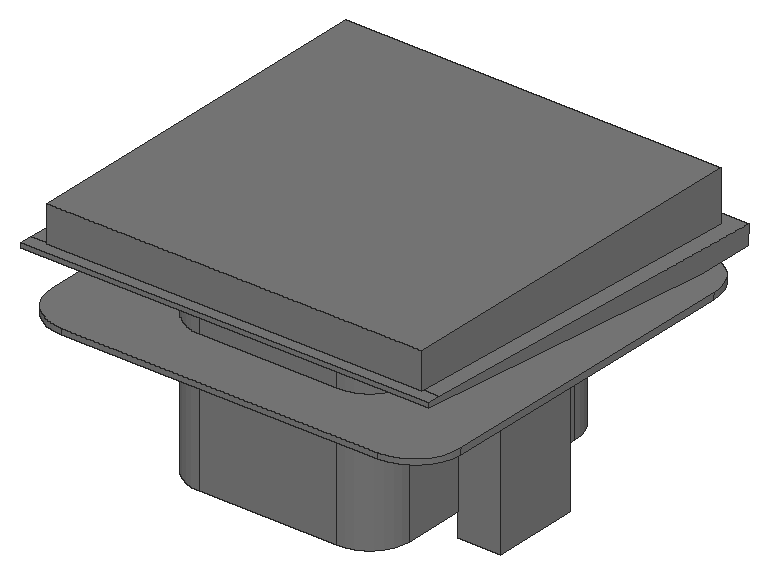
Revit family "Gira_260567", category Electrical Fixtures, host Face, Revit 2017
Family settings
  Host = Face
  Maintain Annotation Orientation = Yes
  Round Connector Dimension = Use Diameter
  Part Type = Normal
  Cut with Voids When Loaded = No
  Shared = No
  Room Calculation Point = No
Parameters (values of type "Gira Keyless In keypad Gira TX_44 (WP FM) anthra.")
  URL = "http://katalog.gira.de/en/datenblatt.html?artikelnr=260567"
  Transparent = "No"
  Other bus systems = "Other"
  Name = "Gira Keyless In keypad Gira TX_44 (WP FM) anthra."
  Model = "Code lock"
  Manufacturer URL = "https://www.gira.de/"
  Manufacturer = "Gira"
  Keynote = ""
  HeinzeBIM = "https://bimportal.heinze.de/bim/gira-keyless-in-keypad-gira-tx-44-wp-fm-anthra-/a896c59488e043292c2d256baccf3dfa6e17c18c"
  HAN = "260567"
  GTIN = "4010337051435"
  Description = "Gira Keyless In keypad TX_44 AN,Gira Keyless In keypad,,anthracite,Features:,- Installation in a device box.,- Stand-alone device or in combination with the Gira door communication system.,- For stand-alone operation, the integrated zero-voltage relay contacts are used for switching actions, e.g. for a door opener with its own power supply (e.g. common doorbell transformer).,- Start-up with direct configuration without a PC or programming software.,Inputs and outputs:,- Switching contact: Two relays with zero-voltage 2-way switch contacts, load capacity AC DC 24 V   1.6 A.,- Two connections for power supply.,- Keypad as an access control system with a capacitive and therefore wear-free button field.,- Frequently used number combinations cannot be recognised.,- Stand-alone device or in combination with the Gira door communication system as a door call system for buildings with several residential units.,- Special button C\": Deleting an incorrect entry.,- Special button \"Key\": Direct door opening when the correct code has been entered.,- Special button \"Bell\": Specific selection of home stations in large facilities.,- Special button \"F\": Switching functions with switching actuators of the Gira door communication system.,- Homogeneous blue LED illumination of the numbers and special characters at night.,- Master PIN number provided on included sealed safety card if Administrator PIN number is lost.,- The keypad can manage up to 255 codes.,- Up to 32-digit codes are possible.,- Audible feedback when button is pressed.,- Three-colour LED status display during programming and operation.,- Warning tone in case of unauthorised removal of the keypad top unit for tamper detection. Tampering circuit with switching actuator in the Gira door communication system.,- The two integrated 2--way switch relays can be assigned two different codes, e.g. Code 1: door opening, Code 2: switching outdoor light.,Inputs and outputs:,- Connection cable connector strip for the Gira door communication system.,,Notes :,- Keyless In devices can be connected to the Gira HomeServer using the DCS-IP gateway. This enables intelligent links. In this way, e.g. temporary or one-time access authorisation can be easily granted. All data including access authorisations can be managed centrally and flexibly using the Gira HomeServer.,- Integration possible in Profile 55.\""
  Default Elevation = 1219.2 mm
  Data sheet (1) = "https://katalog.gira.de/en/download.html?artikelnr=260567"
  Category = "Access control unit for bus system"
  Bus system radio frequent = "No"
  Bus system Powernet = "No"
  Bus system LON = "No"
  Bus system KNX radio = "No"
  Bus system KNX = "No"
  Bus connection included = "Yes"
  BIM (1) = "https://media.stage.bim.site/public/gira/36a6b08/TX44_Komplettgerät_Schalten und Tasten.rfa?public/gira/36a6b08/TX44_Komplettgerät_Schalten und Tasten.rfa"
  Available = "No"
Reference planes
  plane 1 "Center (Front/Back)": y = 0
  plane 2 "Reference Level 0": z = 0
  plane 3 "Center (Left/Right)": x = 0
  plane 4: z = -28.6
Forms (mm)
  Extrusion 1, solid, material "Default", detail levels fine
    sketch origin (0, 0, 0) x (1, 0, 0) y (0, 1, 0)
      loop
        line (-32.604, 32.5) -> (-32.604, -32.5) -> (32.735, -32.5) -> (32.735, 32.5) -> (-32.604, 32.5)
    from 0 to 12.3
  Extrusion 2, solid, material "Default", detail levels fine
    sketch origin (0, 0, 0) x (0, 1, 0) y (0, 0, 1)
      loop
        line (35, 3.483) -> (-32.2, 6) -> (-34.55, 6) -> (-34.536, 5.199) -> (24.886, 0) -> (34.939, 0) -> (35, 3.483)
    from -35.5 to 35.5
  Extrusion 3, void
    sketch origin (0, 0, 0) x (0, 1, 0) y (0, 0, 1)
      loop
        line (42.419, 3.205) -> (-32.2, 6) -> (-42.193, 6) -> (-42.193, -11.826) -> (42.419, -11.826) -> (42.419, 3.205)
    from -64.194 to 61.264
  Extrusion 4, solid, material "Default", detail levels fine
    sketch origin (0, 0, 0) x (1, 0, 0) y (0, 1, 0)
      loop
        arc (35.5, 27.5) -> (33.157, 33.157) -> (27.5, 35.5) r 8
        line (27.5, 35.5) -> (-27.5, 35.5)
        arc (-27.5, 35.5) -> (-33.157, 33.157) -> (-35.5, 27.5) r 8
        line (-35.5, 27.5) -> (-35.5, -27.5)
        arc (-35.5, -27.5) -> (-33.157, -33.157) -> (-27.5, -35.5) r 8
        line (-27.5, -35.5) -> (27.5, -35.5)
        arc (27.5, -35.5) -> (33.157, -33.157) -> (35.5, -27.5) r 8
        line (35.5, -27.5) -> (35.5, 27.5)
    from -4.1 to -5.1
  Extrusion 5, solid, material "Default", detail levels fine
    sketch origin (0, 0, 0) x (1, 0, 0) y (0, 1, 0)
      loop
        arc (-12, 25) -> (-16.95, 22.95) -> (-19, 18) r 7
        line (-19, 18) -> (-19, -18)
        arc (-19, -18) -> (-16.95, -22.95) -> (-12, -25) r 7
        line (-12, -25) -> (12, -25)
        arc (12, -25) -> (16.95, -22.95) -> (19, -18) r 7
        line (19, -18) -> (19, 18)
        arc (19, 18) -> (16.95, 22.95) -> (12, 25) r 7
        line (12, 25) -> (-12, 25)
    from 4.692 to -28.6
  Extrusion 6, solid, material "Default", detail levels fine
    sketch origin (0, 0, 0) x (1, 0, 0) y (0, 1, 0)
      loop
        line (-26.5, -7.5) -> (-19, -7.5) -> (-19, 7.5) -> (-26.5, 7.5) -> (-26.5, -7.5)
    from -5.1 to -32.6
  Extrusion 7, solid, material "Default", detail levels fine
    sketch origin (0, 0, 0) x (-1, 0, 0) y (0, -1, 0)
      loop
        line (-26.5, 7.5) -> (-26.5, -7.5) -> (-19, -7.5) -> (-19, 7.5) -> (-26.5, 7.5)
    from -5.1 to -32.6
  Extrusion 8, solid, material "Default", detail levels medium
    sketch origin (0, 0, 0) x (1, 0, 0) y (0, 1, 0)
      loop
        line (-32.604, 32.5) -> (-32.604, -32.5) -> (32.735, -32.5) -> (32.735, 32.5) -> (-32.604, 32.5)
    from 0 to 12.3
  Extrusion 9, solid, material "Default", detail levels medium
    sketch origin (0, 0, 0) x (0, 1, 0) y (0, 0, 1)
      loop
        line (35, 3.483) -> (-32.2, 6) -> (-34.55, 6) -> (-34.445, 0) -> (34.939, 0) -> (35, 3.483)
    from -35.5 to 35.5
  Extrusion 10, solid, material "Default", detail levels medium
    sketch origin (0, 0, 0) x (1, 0, 0) y (0, 1, 0)
      loop
        line (-26.5, 25) -> (-26.5, -25) -> (26.5, -25) -> (26.5, 25) -> (-26.5, 25)
    from 4.692 to -32.6
  Extrusion 11, solid, material "Default", detail levels medium
    sketch origin (0, 0, 0) x (1, 0, 0) y (0, 1, 0)
      loop
        line (35.5, 35.5) -> (-35.5, 35.5) -> (-35.5, -35.5) -> (35.5, -35.5) -> (35.5, 35.5)
    from -4.1 to -5.1
  Extrusion 12, solid, material "Default", detail levels coarse
    sketch origin (0, 0, 0) x (1, 0, 0) y (0, 1, 0)
      loop
        line (35.5, 35.5) -> (-35.5, 35.5) -> (-35.5, -35.5) -> (35.5, -35.5) -> (35.5, 35.5)
    from -32.6 to 12.3
Cuts and joins
  Extrusion 3 cuts Extrusion 1
  joined: Extrusion 1, Extrusion 2, Extrusion 4, Extrusion 5, Extrusion 6, Extrusion 7
Dimensions and locks
  Extrusion 12 to Extrusion 12 = 44.9 mm
  aligned and locked: plane 2 "Reference Level 0" to host face
  aligned and locked: level to host face
  aligned and locked: plane 3 "Center (Left/Right)" to nested 1
  aligned and locked: plane 1 "Center (Front/Back)" to nested 1
Nested families
  nested 1: "Schalter" at (0, 0, 0), type "Schalter"
Connectors
  electrical at (0, 0, -32.6)
    settings: on Extrusion 12, index 1, voltage 220 V, apparent load 0 VA, apparent load phase1 0 VA, apparent load phase2 0 VA, apparent load phase3 0 VA, power factor 1, load classification "Other", number of poles 1, system type 30, power factor state 1, is connector primary yes, connector utility no, sub classification motor no, connector description ""
Definition of nested family "Schalter"
  Reference planes
    plane 1: y = 0
    plane 2: x = 0
  Lines and regions (mm)
    detail lines
      curve 1: circle (1.375, 2.778, 0) r 0.8 normal (0, 0, 1)
      curve 2: line (1.021, 2.061, 0) -> (0, 0, 0)
      curve 3: line (0, 0, 0) -> (-0.538, 0.266, 0)
  Dimensions and locks
    curve 2 to curve 2 = 2.3 mm
    curve 3 to curve 2 = 0.6 mm
    radius of curve 1 = 0.8 mm
